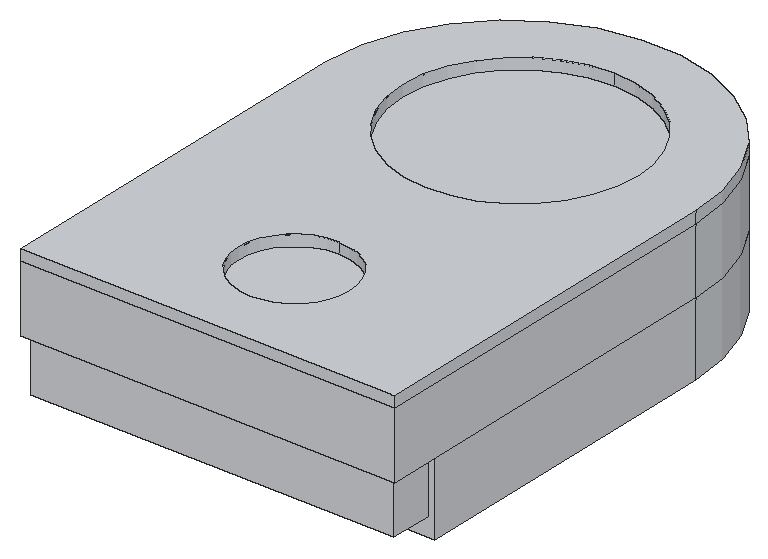
Revit family "Gira_125800", category Electrical Fixtures, host Face, Revit 2017
Family settings
  Host = Face
  Maintain Annotation Orientation = Yes
  Round Connector Dimension = Use Diameter
  Part Type = Normal
  Cut with Voids When Loaded = No
  Shared = No
  Room Calculation Point = No
Parameters (values of type "Built-in spkeaker Door communication")
  URL = "http://katalog.gira.de/en/datenblatt.html?artikelnr=125800"
  Suitable for = "Outdoor station"
  Name = "Built-in spkeaker Door communication"
  Material = "Other"
  Manufacturer URL = "https://www.gira.de/"
  Manufacturer = "Gira"
  Keynote = ""
  HeinzeBIM = "https://bimportal.heinze.de/bim/built-in-spkeaker-door-communication/02eae0e13d2e4125ea539ef9fd028be9ded58581"
  HAN = "125800"
  GTIN = "4010337258001"
  Description = "B-i spk. Door,Built-in speaker,,,Features:,- Built-in speaker for mounting in letterbox systems, voice compartments, door-side installations or front plates. ,- Up to eight mechanical bell buttons can be connected to the screw terminals provided.,- Signal transmission and power supply of speaker via reverse-polarity-protected and short-circuit-proof 2-wire bus.,- Compact size.,- Weather-resistant speaker.,- High-quality electret microphone.,- Alternating current polling of the bell button connections to prevent oxidation on the button contacts.,- Securing of connection terminals against incorrect connection.,- Up to eight mechanical bell buttons can be connected.,- Colour camera for door station can be connected.,- Speakerphone function (voice-controlled talk-back with echo and background noise suppression).,- Adjustable voice volume.,- One-man start-up with easy start-up procedure.,- Audible acknowledgement signal when a call button is pressed.,,Notes :,- This component enables door communication systems with up to 140 audio devices to be set up (e.g. 1 x built-in speaker, 11 x add-on modules for built-in speakers, 136 x surface-mounted home stations).,- The video control device is required if the system is extended with a colour camera."
  Default Elevation = 1219.2 mm
  Data sheet (1) = "https://katalog.gira.de/en/download.html?artikelnr=125800"
  Category = "Mounting accessories for door communication"
  BIM (1) = "https://media.stage.bim.site/public/gira/36a6b08/Türstation_Schalten und Tasten.rfa?public/gira/36a6b08/Türstation_Schalten und Tasten.rfa"
  Available = "No"
Reference planes
  plane 1 "Center (Front/Back)": y = 0
  plane 2: z = 0
  plane 3 "Center (Left/Right)": x = 0
Forms (mm)
  Extrusion 1, solid, detail levels fine
    sketch origin (0, 0, 0) x (1, 0, 0) y (0, 1, 0)
      loop
        line (33.49, -50.461) -> (33.49, 16.971)
        arc (33.49, 16.971) -> (0.419, 50.458) -> (-33.479, 17.809) r 33.49
        line (-33.479, 17.809) -> (-33.479, -50.461) -> (33.49, -50.461)
      loop
        circle (0, 19.471) r 21
      loop
        circle (0, -31.029) r 10
    from 25 to 27
  Extrusion 2, solid, detail levels fine
    sketch origin (0, 0, 0) x (1, 0, 0) y (0, 1, 0)
      loop
        arc (33.49, 16.971) -> (0.419, 50.458) -> (-33.479, 17.809) r 33.49
        line (-33.479, 17.809) -> (-33.479, -50.461) -> (33.49, -50.461) -> (33.49, 16.971)
    from 13 to 25
  Extrusion 3, solid, detail levels fine
    sketch origin (0, 0, 0) x (1, 0, 0) y (0, 1, 0)
      loop
        arc (33.49, 16.971) -> (0.419, 50.458) -> (-33.479, 17.809) r 33.49
        line (-33.479, 17.809) -> (-33.479, -41.508) -> (33.49, -41.508) -> (33.49, 16.971)
    from 0 to 13
  Extrusion 4, solid, detail levels fine
    sketch origin (0, 0, 0) x (1, 0, 0) y (0, 1, 0)
      loop
        line (32.5, -49.379) -> (32.5, -41.879) -> (-32.5, -41.879) -> (-32.5, -49.379) -> (32.5, -49.379)
    from 3.5 to 13
  Extrusion 5, solid, detail levels medium
    sketch origin (0, 0, 0) x (1, 0, 0) y (0, 1, 0)
      loop
        arc (33.49, 16.971) -> (0.419, 50.458) -> (-33.479, 17.809) r 33.49
        line (-33.479, 17.809) -> (-33.479, -50.461) -> (33.49, -50.461) -> (33.49, 16.971)
    from 0 to 27
  Extrusion 6, solid, detail levels coarse
    sketch origin (0, 0, 0) x (1, 0, 0) y (0, 1, 0)
      loop
        line (-33.479, 50.461) -> (-33.479, -50.461) -> (33.49, -50.461) -> (33.49, 50.461) -> (-33.479, 50.461)
    from 0 to 27
Dimensions and locks
  aligned and locked: plane 2 to host face
  aligned and locked: level to host face
  aligned and locked: plane 3 "Center (Left/Right)" to nested 1
  aligned and locked: plane 1 "Center (Front/Back)" to nested 1
Nested families
  nested 1: "Taster mit Türöffner - Beschriftung" at (0, 0, 0), type "Taster mit Türöffner - Beschriftung"
Connectors
  electrical at (0.005, 0, 0)
    settings: on Extrusion 6, index 1, voltage 220 V, apparent load 0 VA, apparent load phase1 0 VA, apparent load phase2 0 VA, apparent load phase3 0 VA, power factor 1, load classification "Other", number of poles 1, system type 30, power factor state 1, is connector primary yes, connector utility no, sub classification motor no, connector description ""
Definition of nested family "Taster mit Türöffner - Beschriftung"
  Reference planes
    plane 1: y = 0
    plane 2: x = 0
  Lines and regions (mm)
    detail lines
      curve 1: line (3, 0, 0) -> (-3, 0, 0)
      curve 2: line (3, 3, 0) -> (3, 0, 0)
      curve 3: line (-3, 3, 0) -> (3, 3, 0)
      curve 4: line (-3, 0, 0) -> (-3, 3, 0)
      curve 5: line (3, 3, 0) -> (-3, 0, 0)
      curve 7: circle (1.899, 1.25, 0) r 0.8 normal (0, 0, 1)
      curve 8: circle (1.899, 1.25, 0) r 0.4 normal (0, 0, 1)
      curve 10: line (-0.152, 2.6, 0) -> (-1.152, 2.6, 0)
      curve 11: line (-1.852, 2.6, 0) -> (-2.552, 2.6, 0)
      curve 12: line (-1.852, 2.6, 0) -> (-1.852, 2.3, 0)
      curve 13: line (-1.152, 2.6, 0) -> (-1.903, 2.326, 0)
    reference lines
      curve 6: line (3, 1.5, 0) -> (-3, 1.5, 0)
      curve 9: line (3.348, 2.6, 0) -> (-3.652, 2.6, 0)
  Dimensions and locks
    curve 2 to curve 4 = 6 mm
    curve 3 to curve 1 = 3 mm
    curve 9 to curve 3 = 0.4 mm
